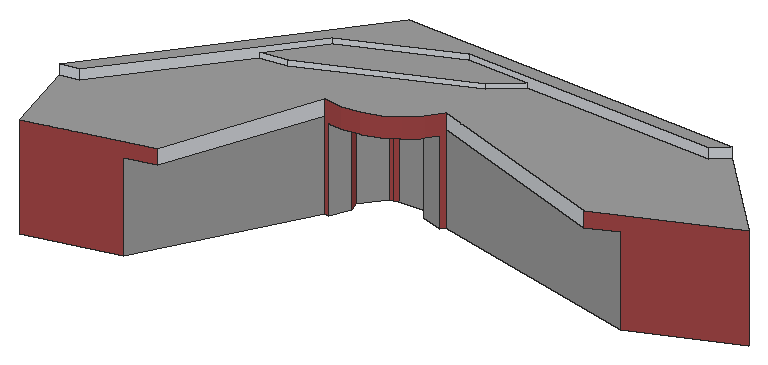
Revit family "Desk_Design_Table", category Furniture, Revit 2013
Reference planes (in)
  plane 1 "Center Front/Back": y = 0
  plane 2: z = 0
  plane 3 "Center Left/Right": x = 0
Forms (in)
  Extrusion 1, solid
    sketch origin (0, 0, 0) x (1, 0, 0) y (0, 1, 0)
      loop
        line (-14.63268, 65.4531) -> (-6.42632, 34.82655) -> (39.93812, 47.24986) -> (61.25871, 105.82772)
        arc (61.25871, 105.82772) -> (81.82418, 108.74348) -> (96.93922, 122.99044) r 34.31231
        line (96.93922, 122.99044) -> (171.56035, 100.51218) -> (220.50097, 123.33356) -> (186.55984, 157.27469) -> (54.55984, 157.27469) -> (-14.63268, 65.4531)
    from 0 to 42
  Extrusion 2, solid
    sketch origin (0, 0, 0) x (1, 0, 0) y (0, 1, 0)
      loop
        line (-14.63268, 65.4531) -> (-7.47231, 66.64704) -> (42.52175, 132.99139) -> (83.17436, 151.94802) -> (181.31563, 151.94802) -> (186.6423, 157.27469) -> (54.55984, 157.27469) -> (-14.63268, 65.4531)
    from 42 to 46
  Extrusion 3, solid
    sketch origin (0, 0, 0) x (1, 0, 0) y (0, 1, 0)
      loop
        line (42.52175, 132.99139) -> (28.07819, 113.82414) -> (38.47606, 115.65757) -> (97.3703, 143.1204) -> (107.17436, 151.94802) -> (83.17436, 151.94802) -> (42.52175, 132.99139)
    from 42 to 44
  Extrusion 4, void
    sketch origin (0, 0, 0) x (1, 0, 0) y (0, 1, 0)
      loop
        line (85.35299, 127.19053) -> (74.74722, 127.00541) -> (73.17433, 126.23826) -> (71.60144, 125.47111) -> (64.92599, 117.22762) -> (66.53865, 113.02651) -> (61.88113, 102.91509)
        arc (61.88113, 102.91509) -> (82.24208, 107.6466) -> (98.50601, 120.77824) r 46.75316
        line (98.50601, 120.77824) -> (87.67066, 123.33328) -> (85.35299, 127.19053)
    from 0 to 33.8205
  Extrusion 5, void
    sketch origin (0, 0, 0) x (1, 0, 0) y (0, 1, 0)
      loop
        line (61.25871, 105.82772) -> (26.33262, 40.36864) -> (43.83325, 45.05792) -> (61.25871, 105.82772)
    from 0 to 36
  Extrusion 6, void
    sketch origin (0, 0, 0) x (1, 0, 0) y (0, 1, 0)
      loop
        line (96.93922, 122.99044) -> (171.56035, 100.51218) -> (182.43604, 105.5836) -> (96.93922, 122.99044)
    from 0 to 36
Cuts and joins
  Extrusion 4, Extrusion 5, Extrusion 6 cuts Extrusion 1
Dimensions and locks (in)
  aligned and locked: level to plane 2
